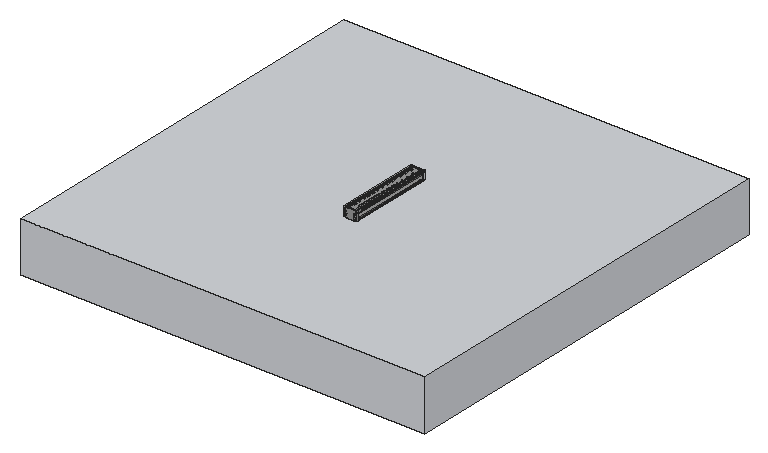
Revit family "L-street 24-48_body", category Обобщенные модели, Revit 2017
Family settings
  Основа = Грань
  Может служить основой для арматурных стержней = Нет
  Размер круглого соединителя = Использовать диаметр
  Тип детали = Нормальный
  При загрузке вырезать с полостями = Нет
  Общий = Нет
  Точка расчета площади = Нет
Parameters
  Тип торцевой крышки = Trade 24-48 торцевая крышка : Trade Standart
  Расстояние от светильника до плоскости = 55.991 mm
  Default Elevation = 1219.2 mm
  Начало выдавливания = Длина профиля / 2 * (-1)  # -250 mm
  Конец выдавливания = Длина профиля / 2  # 250 mm
  Длина профиля = 500 mm
Reference planes
  plane 1 "По центру (Вперед/Назад)": y = 0
  plane 2: z = 0
  plane 3 "По центру (Влево/Вправо)": x = 0
  plane 4 "Плоскость расположения светильника": z = 55.991
Forms (mm)
  Extrusion 1, solid
    sketch origin (0, 0, 0) x (1, 0, 0) y (0, 1, 0)
      loop
        line (-1219.2, 1219.2) -> (-1219.2, -1219.2) -> (1219.2, -1219.2) -> (1219.2, 1219.2) -> (-1219.2, 1219.2)
    from 0 to -304.8
  Extrusion 2, solid, material "Алюминий"
    sketch origin (-0.012, 0, 76.46) x (0, 0, 1) y (1, 0, 0)
      loop
        line (-78.672, 0.012) -> (-78.672, -3.888) -> (-82.669, -3.888) -> (-82.669, -2.425) -> (-84.669, -2.425) -> (-84.669, -5.925) -> (-78.672, -5.925) -> (-78.672, -15.325) -> (-83.377, -15.325)
        arc (-83.377, -15.325) -> (-84.29, -15.703) -> (-84.669, -16.617) r 1.292
        line (-84.669, -16.617) -> (-84.669, -18.572) -> (-83.467, -18.572)
        arc (-83.467, -18.572) -> (-78.368, -20.295) -> (-83.584, -21.625) r 2.807
        line (-83.584, -21.625) -> (-84.669, -21.625) -> (-84.669, -23.509)
        arc (-84.669, -23.509) -> (-84.283, -24.439) -> (-83.353, -24.825) r 1.316
        line (-83.353, -24.825) -> (-78.672, -24.825)
        arc (-78.672, -24.825) -> (-77.737, -24.537) -> (-77.126, -23.772) r 1.662
        arc (-77.126, -23.772) -> (-76.68, -23.38) -> (-76.102, -23.515) r 0.649
        line (-76.102, -23.515) -> (-74.791, -24.825)
        arc (-74.791, -24.825) -> (-74.508, -26.385) -> (-75.869, -27.199) r 1.392
        line (-75.869, -27.199) -> (-84.669, -27.199) -> (-84.669, -28.199) -> (-75.899, -28.199)
        arc (-75.899, -28.199) -> (-73.59, -26.781) -> (-74.084, -24.118) r 2.392
        line (-74.084, -24.118) -> (-75.394, -22.808)
        arc (-75.394, -22.808) -> (-74.034, -20.274) -> (-71.172, -19.988) r 3.06
        line (-71.172, -19.988) -> (-54.872, -19.988)
        arc (-54.872, -19.988) -> (-52.526, -21.625) -> (-53.252, -24.393) r 2.5
        line (-53.252, -24.393) -> (-66.771, -35.892)
        arc (-66.771, -35.892) -> (-70.002, -37.296) -> (-73.498, -37.73) r 12.359
        arc (-73.498, -37.73) -> (-74.6, -38.168) -> (-75.059, -39.261) r 1.531
        line (-75.059, -39.261) -> (-75.059, -40.53) -> (-72.559, -40.53) -> (-72.559, -39.296) -> (-69.512, -39.296) -> (-69.512, -40.53) -> (-68.084, -40.53)
        arc (-68.084, -40.53) -> (-67.359, -40.23) -> (-67.059, -39.505) r 1.025
        line (-67.059, -39.505) -> (-67.059, -38.53)
        arc (-67.059, -38.53) -> (-66.619, -37.579) -> (-65.879, -36.838) r 3
        line (-65.879, -36.838) -> (-41.59, -19.831)
        arc (-41.59, -19.831) -> (-38.547, -19.573) -> (-36.815, -22.089) r 3.04
        line (-36.815, -22.089) -> (-39.075, -22.907)
        arc (-39.075, -22.907) -> (-39.356, -23.504) -> (-38.761, -23.789) r 0.468
        line (-38.761, -23.789) -> (-36.236, -23.159)
        arc (-36.236, -23.159) -> (-35.817, -24.014) -> (-35.358, -24.848) r 20
        line (-35.358, -24.848) -> (-37.776, -25.759)
        arc (-37.776, -25.759) -> (-38.033, -26.335) -> (-37.455, -26.585) r 0.443
        line (-37.455, -26.585) -> (-34.581, -26.079)
        arc (-34.581, -26.079) -> (-34.016, -26.863) -> (-33.415, -27.618) r 20
        line (-33.415, -27.618) -> (-35.758, -28.447)
        arc (-35.758, -28.447) -> (-36.058, -29.099) -> (-35.397, -29.379) r 0.5
        line (-35.397, -29.379) -> (-32.487, -28.653)
        arc (-32.487, -28.653) -> (-31.594, -29.525) -> (-30.648, -30.34) r 20
        arc (-30.648, -30.34) -> (-32.702, -30.764) -> (-33.833, -32.53) r 2.7
        line (-33.833, -32.53) -> (-32.651, -32.733)
        arc (-32.651, -32.733) -> (-29.783, -32.422) -> (-32.051, -34.204) r 1.5
        line (-32.051, -34.204) -> (-32.906, -35.059)
        arc (-32.906, -35.059) -> (-31.65, -35.646) -> (-30.268, -35.532) r 2.7
        arc (-30.268, -35.532) -> (-29.381, -35.654) -> (-28.969, -36.449) r 0.973
        line (-28.969, -36.449) -> (-28.969, -41.973) -> (-20.469, -41.973) -> (-20.469, -37.073) -> (-20.128, -33.175) -> (-21.124, -33.088) -> (-21.472, -37.073) -> (-24.972, -37.073) -> (-24.972, -36.073) -> (-26.972, -36.073) -> (-26.972, -33.073) -> (-24.972, -33.073) -> (-24.972, -31.467)
        arc (-24.972, -31.467) -> (-32.5, -25.635) -> (-36.012, -16.784) r 18.05
        line (-36.012, -16.784) -> (-36.012, -14.788) -> (-36.972, -14.788) -> (-36.972, -16.788) -> (-38.672, -16.788) -> (-38.672, 16.812) -> (-36.972, 16.812) -> (-36.972, 14.812) -> (-36.012, 14.812) -> (-36.012, 16.808)
        arc (-36.012, 16.808) -> (-32.5, 25.659) -> (-24.972, 31.491) r 18.05
        line (-24.972, 31.491) -> (-24.972, 33.096) -> (-26.972, 33.096) -> (-26.972, 36.096) -> (-24.972, 36.096) -> (-24.972, 37.096) -> (-21.472, 37.096) -> (-21.124, 33.111) -> (-20.128, 33.198) -> (-20.469, 37.096) -> (-20.469, 41.996) -> (-28.969, 41.996) -> (-28.969, 36.473)
        arc (-28.969, 36.473) -> (-29.381, 35.678) -> (-30.268, 35.556) r 0.973
        arc (-30.268, 35.556) -> (-31.65, 35.669) -> (-32.906, 35.082) r 2.7
        line (-32.906, 35.082) -> (-32.051, 34.227)
        arc (-32.051, 34.227) -> (-29.783, 32.445) -> (-32.651, 32.757) r 1.5
        line (-32.651, 32.757) -> (-33.833, 32.553)
        arc (-33.833, 32.553) -> (-32.702, 30.787) -> (-30.648, 30.363) r 2.7
        arc (-30.648, 30.363) -> (-31.594, 29.548) -> (-32.487, 28.676) r 20
        line (-32.487, 28.676) -> (-35.397, 29.402)
        arc (-35.397, 29.402) -> (-36.058, 29.122) -> (-35.758, 28.47) r 0.5
        line (-35.758, 28.47) -> (-33.415, 27.642)
        arc (-33.415, 27.642) -> (-34.016, 26.886) -> (-34.581, 26.102) r 20
        line (-34.581, 26.102) -> (-37.455, 26.609)
        arc (-37.455, 26.609) -> (-38.033, 26.358) -> (-37.776, 25.782) r 0.443
        line (-37.776, 25.782) -> (-35.358, 24.871)
        arc (-35.358, 24.871) -> (-35.817, 24.037) -> (-36.236, 23.183) r 20
        line (-36.236, 23.183) -> (-38.761, 23.812)
        arc (-38.761, 23.812) -> (-39.356, 23.527) -> (-39.075, 22.93) r 0.468
        line (-39.075, 22.93) -> (-36.815, 22.112)
        arc (-36.815, 22.112) -> (-38.547, 19.596) -> (-41.59, 19.854) r 3.04
        line (-41.59, 19.854) -> (-65.879, 36.861)
        arc (-65.879, 36.861) -> (-66.619, 37.603) -> (-67.059, 38.554) r 3
        line (-67.059, 38.554) -> (-67.059, 39.528)
        arc (-67.059, 39.528) -> (-67.359, 40.253) -> (-68.084, 40.554) r 1.025
        line (-68.084, 40.554) -> (-69.512, 40.554) -> (-69.512, 39.32) -> (-72.559, 39.32) -> (-72.559, 40.554) -> (-75.059, 40.554) -> (-75.059, 39.284)
        arc (-75.059, 39.284) -> (-74.6, 38.191) -> (-73.498, 37.754) r 1.531
        arc (-73.498, 37.754) -> (-70.002, 37.319) -> (-66.771, 35.915) r 12.359
        line (-66.771, 35.915) -> (-53.252, 24.416)
        arc (-53.252, 24.416) -> (-52.526, 21.649) -> (-54.872, 20.012) r 2.5
        line (-54.872, 20.012) -> (-71.172, 20.012)
        arc (-71.172, 20.012) -> (-74.034, 20.298) -> (-75.394, 22.831) r 3.06
        line (-75.394, 22.831) -> (-74.084, 24.141)
        arc (-74.084, 24.141) -> (-73.59, 26.805) -> (-75.899, 28.222) r 2.392
        line (-75.899, 28.222) -> (-84.669, 28.222) -> (-84.669, 27.222) -> (-75.869, 27.222)
        arc (-75.869, 27.222) -> (-74.508, 26.409) -> (-74.791, 24.848) r 1.392
        line (-74.791, 24.848) -> (-76.102, 23.538)
        arc (-76.102, 23.538) -> (-76.68, 23.403) -> (-77.126, 23.795) r 0.649
        arc (-77.126, 23.795) -> (-77.737, 24.56) -> (-78.672, 24.848) r 1.662
        line (-78.672, 24.848) -> (-83.353, 24.848)
        arc (-83.353, 24.848) -> (-84.283, 24.463) -> (-84.669, 23.532) r 1.316
        line (-84.669, 23.532) -> (-84.669, 21.648) -> (-83.584, 21.648)
        arc (-83.584, 21.648) -> (-78.368, 20.319) -> (-83.467, 18.596) r 2.807
        line (-83.467, 18.596) -> (-84.669, 18.596) -> (-84.669, 16.641)
        arc (-84.669, 16.641) -> (-84.29, 15.727) -> (-83.377, 15.348) r 1.292
        line (-83.377, 15.348) -> (-78.672, 15.348) -> (-78.672, 5.948) -> (-84.669, 5.948) -> (-84.669, 2.448) -> (-82.669, 2.448) -> (-82.669, 3.912) -> (-78.672, 3.912) -> (-78.672, 0.012)
    from -250 <- "Начало выдавливания" to 250 <- "Конец выдавливания"
  Extrusion 3, solid, material "Стекло, прозрачное остекление"
    sketch origin (-0.012, 0.083, 76.46) x (-1, 0, 0) y (0, 0, -1)
      loop
        line (21.96, 21.47) -> (21.96, 24.47) -> (-21.96, 24.47) -> (-21.96, 21.47) -> (21.96, 21.47)
    from -250 <- "Начало выдавливания" to 250 <- "Конец выдавливания"
Dimensions and locks
  "Расстояние от светильника до плоскости": plane 4 "Плоскость расположения светильника" to Extrusion 1
  aligned and locked: plane 2 to Extrusion 1
  aligned and locked: level to Extrusion 1
Automatic sketch dimensions
  Extrusion 1 sketch curve to Extrusion 1 sketch curve = 2438.4 mm  (x2)
  Extrusion 3 sketch curve to plane 4 "Плоскость расположения светильника" = 1.002 mm
  plane 3 "По центру (Влево/Вправо)" to Extrusion 3 sketch curve = 21.949 mm
  Extrusion 3 sketch curve to plane 4 "Плоскость расположения светильника" = 4.002 mm
  Extrusion 3 sketch curve to plane 3 "По центру (Влево/Вправо)" = 21.972 mm
  Extrusion 2 sketch curve to Extrusion 2 sketch curve = 0 mm  (x28)
  Extrusion 2 sketch curve to plane 3 "По центру (Влево/Вправо)" = 0 mm
  Extrusion 2 sketch curve to plane 4 "Плоскость расположения светильника" = 0 mm  (x2)
  Extrusion 2 sketch curve to plane 4 "Плоскость расположения светильника" = 0.655 mm  (x2)
  Extrusion 2 sketch curve to plane 4 "Плоскость расположения светильника" = 1.004 mm  (x2)
  Extrusion 2 sketch curve to Extrusion 2 sketch curve = 3.5 mm  (x2)
  Extrusion 2 sketch curve to Extrusion 2 sketch curve = 3.849 mm
  Extrusion 2 sketch curve to Extrusion 2 sketch curve = 2 mm  (x5)
  Extrusion 2 sketch curve to Extrusion 2 sketch curve = 1.996 mm  (x4)
  Extrusion 2 sketch curve to Extrusion 2 sketch curve = 0.973 mm  (x2)
  Extrusion 2 sketch curve to Extrusion 2 sketch curve = 1.23 mm  (x2)
  Extrusion 2 sketch curve to Extrusion 2 sketch curve = 0.879 mm  (x2)
  Extrusion 2 sketch curve to Extrusion 2 sketch curve = 1.314 mm  (x2)
  Extrusion 2 sketch curve to Extrusion 2 sketch curve = 1.478 mm  (x2)
  Extrusion 2 sketch curve to Extrusion 2 sketch curve = 0.855 mm  (x4)
  Extrusion 2 sketch curve to Extrusion 2 sketch curve = 0.928 mm  (x2)
  Extrusion 2 sketch curve to Extrusion 2 sketch curve = 1.183 mm  (x2)
  Extrusion 2 sketch curve to Extrusion 2 sketch curve = 1.166 mm  (x2)
  Extrusion 2 sketch curve to Extrusion 2 sketch curve = 0.778 mm  (x2)
  Extrusion 2 sketch curve to Extrusion 2 sketch curve = 1.982 mm  (x2)
  Extrusion 2 sketch curve to Extrusion 2 sketch curve = 0.195 mm  (x2)
  Extrusion 2 sketch curve to Extrusion 2 sketch curve = 0.167 mm  (x2)
  Extrusion 2 sketch curve to Extrusion 2 sketch curve = 0.653 mm  (x2)
  Extrusion 2 sketch curve to Extrusion 2 sketch curve = 0.878 mm  (x2)
  Extrusion 2 sketch curve to Extrusion 2 sketch curve = 0.579 mm  (x2)
  Extrusion 2 sketch curve to Extrusion 2 sketch curve = 0.961 mm  (x2)
  Extrusion 2 sketch curve to Extrusion 2 sketch curve = 2.262 mm  (x2)
  Extrusion 2 sketch curve to Extrusion 2 sketch curve = 1.7 mm
  Extrusion 2 sketch curve to Extrusion 2 sketch curve = 1.946 mm  (x2)
  Extrusion 2 sketch curve to Extrusion 2 sketch curve = 0.154 mm  (x2)
  Extrusion 2 sketch curve to Extrusion 2 sketch curve = 0.159 mm  (x2)
  Extrusion 2 sketch curve to Extrusion 2 sketch curve = 0.772 mm  (x2)
  Extrusion 2 sketch curve to Extrusion 2 sketch curve = 1.744 mm  (x2)
  Extrusion 2 sketch curve to Extrusion 2 sketch curve = 11.663 mm  (x2)
  Extrusion 2 sketch curve to Extrusion 2 sketch curve = 1.62 mm  (x2)
  level to Extrusion 2 sketch curve = 12.302 mm  (x2)
  Extrusion 2 sketch curve to Extrusion 2 sketch curve = 1.721 mm  (x2)
  Extrusion 2 sketch curve to Extrusion 2 sketch curve = 0.892 mm  (x2)
  Extrusion 2 sketch curve to Extrusion 2 sketch curve = 1.18 mm
  Extrusion 2 sketch curve to Extrusion 2 sketch curve = 2.901 mm
  Extrusion 2 sketch curve to Extrusion 2 sketch curve = 1.025 mm  (x2)
  Extrusion 2 sketch curve to Extrusion 2 sketch curve = 1.428 mm  (x2)
  level to Extrusion 2 sketch curve = 5.287 mm  (x2)
  Extrusion 2 sketch curve to Extrusion 2 sketch curve = 1.162 mm  (x2)
  Extrusion 2 sketch curve to Extrusion 2 sketch curve = 3.047 mm  (x2)
  Extrusion 2 sketch curve to Extrusion 2 sketch curve = 0.925 mm  (x2)
  Extrusion 2 sketch curve to Extrusion 2 sketch curve = 0.969 mm  (x2)
  Extrusion 2 sketch curve to Extrusion 2 sketch curve = 0.825 mm  (x2)
  Extrusion 2 sketch curve to Extrusion 2 sketch curve = 0.707 mm  (x6)
  level to Extrusion 2 sketch curve = 1.401 mm  (x2)
  level to Extrusion 2 sketch curve = 1.065 mm  (x2)
  level to Extrusion 2 sketch curve = 0.684 mm  (x2)
  level to Extrusion 2 sketch curve = 0.59 mm  (x2)
  level to Extrusion 2 sketch curve = 0.561 mm  (x2)
  level to Extrusion 2 sketch curve = 0.358 mm  (x2)
  Extrusion 2 sketch curve to level = 0.062 mm  (x2)
  Extrusion 2 sketch curve to level = 2.213 mm  (x4)
  Extrusion 2 sketch curve to Extrusion 2 sketch curve = 2.5 mm  (x4)
  Extrusion 2 sketch curve to Extrusion 2 sketch curve = 3.997 mm  (x2)
  Extrusion 2 sketch curve to Extrusion 2 sketch curve = 4.68 mm
  Extrusion 2 sketch curve to Extrusion 2 sketch curve = 2.18 mm
  Extrusion 2 sketch curve to Extrusion 2 sketch curve = 4.704 mm
  Extrusion 2 sketch curve to Extrusion 2 sketch curve = 2.204 mm
  Extrusion 2 sketch curve to Extrusion 2 sketch curve = 0.091 mm  (x2)
  Extrusion 2 sketch curve to Extrusion 2 sketch curve = 0.231 mm  (x2)
  Extrusion 2 sketch curve to Extrusion 2 sketch curve = 1.316 mm  (x3)
  Extrusion 2 sketch curve to Extrusion 2 sketch curve = 1.202 mm  (x2)
  Extrusion 2 sketch curve to Extrusion 2 sketch curve = 1.085 mm
  plane 4 "Плоскость расположения светильника" to Extrusion 2 sketch curve = 0.341 mm  (x2)
  plane 4 "Плоскость расположения светильника" to Extrusion 2 sketch curve = 2.396 mm  (x2)
  Extrusion 2 sketch curve to plane 3 "По центру (Влево/Вправо)" = 2.437 mm
  Extrusion 2 sketch curve to plane 3 "По центру (Влево/Вправо)" = 3.9 mm
  Extrusion 2 sketch curve to Extrusion 2 sketch curve = 2.037 mm  (x2)
  Extrusion 2 sketch curve to plane 3 "По центру (Влево/Вправо)" = 14.8 mm  (x2)
  Extrusion 2 sketch curve to Extrusion 2 sketch curve = 9.4 mm  (x2)
  Extrusion 2 sketch curve to Extrusion 2 sketch curve = 0.004 mm
  Extrusion 2 sketch curve to Extrusion 2 sketch curve = 1.955 mm  (x2)
  Extrusion 2 sketch curve to Extrusion 2 sketch curve = 3.042 mm  (x2)
  Extrusion 2 sketch curve to Extrusion 2 sketch curve = 0.158 mm
  Extrusion 2 sketch curve to Extrusion 2 sketch curve = 1.616 mm  (x2)
  Extrusion 2 sketch curve to Extrusion 2 sketch curve = 2.258 mm  (x2)
  Extrusion 2 sketch curve to Extrusion 2 sketch curve = 2.819 mm  (x2)
  Extrusion 2 sketch curve to Extrusion 2 sketch curve = 0.586 mm  (x2)
  Extrusion 2 sketch curve to Extrusion 2 sketch curve = 1.071 mm  (x2)
  Extrusion 2 sketch curve to Extrusion 2 sketch curve = 0.355 mm  (x2)
  Extrusion 2 sketch curve to Extrusion 2 sketch curve = 0.44 mm  (x2)
  Extrusion 2 sketch curve to Extrusion 2 sketch curve = 1.884 mm  (x2)
  Extrusion 2 sketch curve to Extrusion 2 sketch curve = 0.495 mm  (x2)
  Extrusion 2 sketch curve to Extrusion 2 sketch curve = 1.31 mm  (x2)
  Extrusion 2 sketch curve to Extrusion 2 sketch curve = 1.256 mm  (x2)
  Extrusion 2 sketch curve to Extrusion 2 sketch curve = 0.985 mm  (x2)
  Extrusion 2 sketch curve to Extrusion 2 sketch curve = 1.231 mm  (x2)
  Extrusion 2 sketch curve to Extrusion 2 sketch curve = 1.326 mm  (x2)
  Extrusion 2 sketch curve to Extrusion 2 sketch curve = 0.829 mm  (x2)
  Extrusion 2 sketch curve to Extrusion 2 sketch curve = 1.035 mm  (x2)
  Extrusion 2 sketch curve to Extrusion 2 sketch curve = 0.471 mm  (x2)
  Extrusion 2 sketch curve to Extrusion 2 sketch curve = 3.151 mm  (x2)
  Extrusion 2 sketch curve to Extrusion 2 sketch curve = 0.204 mm  (x2)
  Extrusion 2 sketch curve to Extrusion 2 sketch curve = 0.255 mm  (x2)
  Extrusion 2 sketch curve to Extrusion 2 sketch curve = 1.605 mm  (x2)
  Extrusion 2 sketch curve to Extrusion 2 sketch curve = 0.015 mm  (x2)
  Extrusion 2 sketch curve to Extrusion 2 sketch curve = 0.087 mm  (x2)
  Extrusion 2 sketch curve to Extrusion 2 sketch curve = 7.693 mm  (x2)
  Extrusion 2 sketch curve to Extrusion 2 sketch curve = 1 mm  (x2)
  Extrusion 2 sketch curve to Extrusion 2 sketch curve = 0.377 mm  (x2)
  Extrusion 2 sketch curve to Extrusion 2 sketch curve = 0.946 mm  (x2)
  Extrusion 2 sketch curve to Extrusion 2 sketch curve = 1.692 mm  (x2)
  Extrusion 2 sketch curve to Extrusion 2 sketch curve = 0.731 mm  (x2)
  Extrusion 2 sketch curve to Extrusion 2 sketch curve = 0.035 mm
  Extrusion 2 sketch curve to Extrusion 2 sketch curve = 0.975 mm  (x2)
  Extrusion 2 sketch curve to Extrusion 2 sketch curve = 1.269 mm
  Extrusion 2 sketch curve to Extrusion 2 sketch curve = 4.9 mm
  plane 3 "По центру (Влево/Вправо)" to Extrusion 2 sketch curve = 2.437 mm
  Extrusion 2 sketch curve to Extrusion 2 sketch curve = 1.463 mm
  plane 3 "По центру (Влево/Вправо)" to Extrusion 2 sketch curve = 14.8 mm  (x2)
  Extrusion 2 sketch curve to Extrusion 2 sketch curve = 4.663 mm
  Extrusion 2 sketch curve to Extrusion 2 sketch curve = 0.766 mm
  Extrusion 2 sketch curve to Extrusion 2 sketch curve = 1.234 mm
  Extrusion 2 sketch curve to Extrusion 2 sketch curve = 5.523 mm
  Extrusion 2 sketch curve to Extrusion 2 sketch curve = 0.165 mm  (x2)
  Extrusion 2 sketch curve to Extrusion 2 sketch curve = 0.156 mm  (x2)
  Extrusion 2 sketch curve to Extrusion 2 sketch curve = 0.415 mm  (x2)
Nested families
  nested 1: "Trade 24-48 торцевая крышка" at (0.555, 0.024, 0), type <- "Тип торцевой крышки", type "Trade Standart"
    with Расстояние до плоскости 55.991 mm, Начало профиля 250 mm, Конец профиля 250 mm, Длина профиля 500 mm
  nested 2: "Trade 24-48 торцевая крышка" at (0.452, 0, 0), type <- "Тип торцевой крышки", type "Trade Standart"
    with Расстояние до плоскости 55.991 mm, Начало профиля 250 mm, Конец профиля 250 mm, Длина профиля 500 mm
Definition of nested family "Trade 24-48 торцевая крышка"
  Parameters (values of type "Trade 24-48 торцевая крышка")
    Расстояние до плоскости = 150 mm
    Default Elevation = 1219.2 mm
    Начало профиля = 249.976 mm
    Конец профиля = Начало профиля  # 249.976 mm
    Длина профиля = Начало профиля * 2  # 499.952 mm
  Reference planes
    plane 1 "По центру (Вперед/Назад)": y = 0
    plane 2: z = 0
    plane 3 "По центру (Влево/Вправо)": x = 0
    plane 4 "Плоскость светильника": z = 150
  Forms (mm)
    Extrusion 1, solid
      sketch origin (0, 0, 0) x (1, 0, 0) y (0, 1, 0)
        loop
          line (-1219.2, 1219.2) -> (-1219.2, -1219.2) -> (1219.2, -1219.2) -> (1219.2, 1219.2) -> (-1219.2, 1219.2)
      from 0 to -304.8
    Extrusion 2, solid
      sketch origin (-19.367, -249.976, 150) x (1, 0, 0) y (0, 0, 1)
        loop
          line (-19.221, 0) -> (-19.221, -52.919) -> (-10.867, -52.919)
          arc (-10.867, -52.919) -> (-6.009, -53.518) -> (-1.441, -55.28) r 20
          line (-1.441, -55.28) -> (3.39, -58.299)
          arc (3.39, -58.299) -> (3.801, -58.687) -> (4.03, -59.204) r 1.436
          line (4.03, -59.204) -> (13.43, -59.204)
          arc (13.43, -59.204) -> (14.332, -58.467) -> (15.467, -58.204) r 2.574
          line (15.467, -58.204) -> (19.367, -58.204) -> (23.267, -58.204)
          arc (23.267, -58.204) -> (24.401, -58.467) -> (25.303, -59.204) r 2.574
          line (25.303, -59.204) -> (34.703, -59.204)
          arc (34.703, -59.204) -> (34.933, -58.687) -> (35.344, -58.299) r 1.436
          line (35.344, -58.299) -> (40.175, -55.28)
          arc (40.175, -55.28) -> (44.742, -53.518) -> (49.601, -52.919) r 20
          line (49.601, -52.919) -> (57.954, -52.919) -> (57.954, 0) -> (19.367, 0) -> (-19.221, 0)
        loop
          arc (-9.318, -51.37) -> (-5.4, -51.758) -> (-1.633, -52.906) r 20
          line (-1.633, -52.906) -> (-1.633, -34.404)
          arc (-1.633, -34.404) -> (-2.615, -32.996) -> (-4.276, -33.432) r 1.5
          line (-4.276, -33.432) -> (-15.725, -46.891)
          arc (-15.725, -46.891) -> (-16.329, -48.024) -> (-16.801, -49.218) r 11.359
          arc (-16.801, -49.218) -> (-16.574, -50.692) -> (-15.247, -51.37) r 1.637
          line (-15.247, -51.37) -> (-9.318, -51.37)
        loop
          line (-14.324, -39.155) -> (-1.295, -20.548)
          arc (-1.295, -20.548) -> (-1.025, -18.749) -> (-2.299, -17.45) r 2.04
          arc (-2.299, -17.45) -> (-4.877, -16.36) -> (-7.288, -14.938) r 21
          arc (-7.288, -14.938) -> (-8.685, -13.894) -> (-9.991, -12.739) r 21
          arc (-9.991, -12.739) -> (-11.447, -11.189) -> (-12.739, -9.499) r 21
          arc (-12.739, -9.499) -> (-14.944, -10.099) -> (-17.221, -10.29) r 12.546
          line (-17.221, -10.29) -> (-17.221, -38.242)
          arc (-17.221, -38.242) -> (-16.107, -39.761) -> (-14.324, -39.155) r 1.592
        loop
          line (48.051, -51.37) -> (53.98, -51.37)
          arc (53.98, -51.37) -> (55.308, -50.692) -> (55.534, -49.218) r 1.637
          arc (55.534, -49.218) -> (55.062, -48.024) -> (54.458, -46.891) r 11.359
          line (54.458, -46.891) -> (43.009, -33.432)
          arc (43.009, -33.432) -> (41.349, -32.996) -> (40.367, -34.404) r 1.5
          line (40.367, -34.404) -> (40.367, -52.906)
          arc (40.367, -52.906) -> (44.133, -51.758) -> (48.051, -51.37) r 20
        loop
          arc (53.057, -39.155) -> (54.841, -39.761) -> (55.954, -38.242) r 1.592
          line (55.954, -38.242) -> (55.954, -10.29)
          arc (55.954, -10.29) -> (53.677, -10.099) -> (51.473, -9.499) r 12.546
          arc (51.473, -9.499) -> (50.181, -11.189) -> (48.725, -12.739) r 21
          arc (48.725, -12.739) -> (47.419, -13.894) -> (46.022, -14.938) r 21
          arc (46.022, -14.938) -> (43.611, -16.36) -> (41.032, -17.45) r 21
          arc (41.032, -17.45) -> (39.759, -18.749) -> (40.028, -20.548) r 2.04
          line (40.028, -20.548) -> (53.057, -39.155)
      from 0 to 5
    Extrusion 3, solid
      sketch origin (18.233, 249.976, 150) x (-1, 0, 0) y (0, 0, 1)
        loop
          line (56.821, 0) -> (18.233, 0) -> (-20.354, 0) -> (-20.354, -52.919) -> (-12.001, -52.919)
          arc (-12.001, -52.919) -> (-7.142, -53.518) -> (-2.575, -55.28) r 20
          line (-2.575, -55.28) -> (2.256, -58.299)
          arc (2.256, -58.299) -> (2.667, -58.687) -> (2.897, -59.204) r 1.436
          line (2.897, -59.204) -> (12.297, -59.204)
          arc (12.297, -59.204) -> (13.199, -58.467) -> (14.333, -58.204) r 2.574
          line (14.333, -58.204) -> (18.233, -58.204) -> (22.133, -58.204)
          arc (22.133, -58.204) -> (23.268, -58.467) -> (24.17, -59.204) r 2.574
          line (24.17, -59.204) -> (33.57, -59.204)
          arc (33.57, -59.204) -> (33.799, -58.687) -> (34.21, -58.299) r 1.436
          line (34.21, -58.299) -> (39.041, -55.28)
          arc (39.041, -55.28) -> (43.609, -53.518) -> (48.467, -52.919) r 20
          line (48.467, -52.919) -> (56.821, -52.919) -> (56.821, 0)
        loop
          line (46.918, -51.37) -> (52.847, -51.37)
          arc (52.847, -51.37) -> (54.174, -50.692) -> (54.401, -49.218) r 1.637
          arc (54.401, -49.218) -> (53.929, -48.024) -> (53.325, -46.891) r 11.359
          line (53.325, -46.891) -> (41.876, -33.432)
          arc (41.876, -33.432) -> (40.215, -32.996) -> (39.233, -34.404) r 1.5
          line (39.233, -34.404) -> (39.233, -52.906)
          arc (39.233, -52.906) -> (43, -51.758) -> (46.918, -51.37) r 20
        loop
          arc (51.924, -39.155) -> (53.707, -39.761) -> (54.821, -38.242) r 1.592
          line (54.821, -38.242) -> (54.821, -10.29)
          arc (54.821, -10.29) -> (52.544, -10.099) -> (50.339, -9.499) r 12.546
          arc (50.339, -9.499) -> (49.047, -11.189) -> (47.591, -12.739) r 21
          arc (47.591, -12.739) -> (46.285, -13.894) -> (44.888, -14.938) r 21
          arc (44.888, -14.938) -> (42.477, -16.36) -> (39.899, -17.45) r 21
          arc (39.899, -17.45) -> (38.625, -18.749) -> (38.895, -20.548) r 2.04
          line (38.895, -20.548) -> (51.924, -39.155)
        loop
          arc (-10.451, -51.37) -> (-6.533, -51.758) -> (-2.767, -52.906) r 20
          line (-2.767, -52.906) -> (-2.767, -34.404)
          arc (-2.767, -34.404) -> (-3.749, -32.996) -> (-5.409, -33.432) r 1.5
          line (-5.409, -33.432) -> (-16.858, -46.891)
          arc (-16.858, -46.891) -> (-17.462, -48.024) -> (-17.934, -49.218) r 11.359
          arc (-17.934, -49.218) -> (-17.708, -50.692) -> (-16.38, -51.37) r 1.637
          line (-16.38, -51.37) -> (-10.451, -51.37)
        loop
          line (-15.457, -39.155) -> (-2.428, -20.548)
          arc (-2.428, -20.548) -> (-2.159, -18.749) -> (-3.432, -17.45) r 2.04
          arc (-3.432, -17.45) -> (-6.011, -16.36) -> (-8.422, -14.938) r 21
          arc (-8.422, -14.938) -> (-9.819, -13.894) -> (-11.125, -12.739) r 21
          arc (-11.125, -12.739) -> (-12.581, -11.189) -> (-13.873, -9.499) r 21
          arc (-13.873, -9.499) -> (-16.077, -10.099) -> (-18.354, -10.29) r 12.546
          line (-18.354, -10.29) -> (-18.354, -38.242)
          arc (-18.354, -38.242) -> (-17.241, -39.761) -> (-15.457, -39.155) r 1.592
      from 0 to 5
    Extrusion 4, solid
      sketch origin (0, -398.223, 150) x (0, -1, 0) y (1, 0, 0)
        loop
          line (-153.247, 18.233) -> (-153.247, -19.367) -> (-148.247, -19.367) -> (-148.247, 18.233) -> (-153.247, 18.233)
        loop
          line (-648.199, -19.367) -> (-643.199, -19.367) -> (-643.199, 18.233) -> (-648.199, 18.233) -> (-648.199, -19.367)
      from 0 to -1
  Dimensions and locks
    "Расстояние до плоскости": plane 4 "Плоскость светильника" to Extrusion 1
    "Конец профиля": plane 1 "По центру (Вперед/Назад)" to Extrusion 4
    "Начало профиля": Extrusion 4 to plane 1 "По центру (Вперед/Назад)"
    aligned and locked: plane 2 to Extrusion 1
    aligned and locked: level to Extrusion 1
  Automatic sketch dimensions
    Extrusion 1 sketch curve to Extrusion 1 sketch curve = 2438.4 mm  (x2)
    Extrusion 3 sketch curve to Extrusion 3 sketch curve = 0 mm  (x16)
    Extrusion 3 sketch curve to Extrusion 3 sketch curve = 2.098 mm  (x2)
    Extrusion 3 sketch curve to Extrusion 3 sketch curve = 1.592 mm  (x2)
    Extrusion 3 sketch curve to Extrusion 3 sketch curve = 0.478 mm  (x2)
    Extrusion 3 sketch curve to Extrusion 3 sketch curve = 1.304 mm  (x2)
    Extrusion 3 sketch curve to Extrusion 3 sketch curve = 1.55 mm  (x2)
    Extrusion 3 sketch curve to Extrusion 3 sketch curve = 3.299 mm
    Extrusion 3 sketch curve to Extrusion 3 sketch curve = 1.143 mm  (x2)
    Extrusion 3 sketch curve to Extrusion 3 sketch curve = 1.5 mm  (x2)
    Extrusion 3 sketch curve to Extrusion 3 sketch curve = 0.192 mm
    Extrusion 3 sketch curve to Extrusion 3 sketch curve = 1.671 mm  (x2)
    Extrusion 3 sketch curve to Extrusion 3 sketch curve = 4.07 mm
    Extrusion 3 sketch curve to Extrusion 3 sketch curve = 0.761 mm
    Extrusion 3 sketch curve to Extrusion 3 sketch curve = 0.641 mm  (x2)
    Extrusion 3 sketch curve to Extrusion 3 sketch curve = 9.4 mm  (x2)
    Extrusion 3 sketch curve to Extrusion 3 sketch curve = 2.037 mm  (x2)
    Extrusion 3 sketch curve to Extrusion 3 sketch curve = 3.9 mm  (x2)
    Extrusion 3 sketch curve to Extrusion 3 sketch curve = 14.8 mm  (x2)
    Extrusion 4 to Extrusion 3 sketch curve = 58.299 mm
    Extrusion 3 sketch curve to Extrusion 3 sketch curve = 1.402 mm
    Extrusion 3 sketch curve to Extrusion 3 sketch curve = 5.861 mm
    Extrusion 3 sketch curve to Extrusion 3 sketch curve = 4.831 mm
    Extrusion 3 sketch curve to Extrusion 3 sketch curve = 0.339 mm
    Extrusion 3 sketch curve to Extrusion 3 sketch curve = 4.386 mm
    Extrusion 3 sketch curve to Extrusion 3 sketch curve = 11.946 mm
    Extrusion 3 sketch curve to Extrusion 3 sketch curve = 10.048 mm
    Extrusion 3 sketch curve to Extrusion 3 sketch curve = 4.379 mm
    Extrusion 3 sketch curve to Extrusion 3 sketch curve = 21.689 mm
    Extrusion 4 to Extrusion 3 sketch curve = 72.919 mm  (x2)
    Extrusion 3 sketch curve to Extrusion 3 sketch curve = 1.549 mm  (x2)
    Extrusion 3 sketch curve to Extrusion 3 sketch curve = 2.479 mm
    Extrusion 3 sketch curve to Extrusion 3 sketch curve = 1.261 mm
    Extrusion 3 sketch curve to Extrusion 3 sketch curve = 1.218 mm
    Extrusion 3 sketch curve to Extrusion 3 sketch curve = 3.018 mm  (x2)
    Extrusion 3 sketch curve to Extrusion 3 sketch curve = 2.375 mm  (x2)
    Extrusion 3 sketch curve to Extrusion 3 sketch curve = 1.421 mm  (x2)
    Extrusion 3 sketch curve to Extrusion 3 sketch curve = 1.637 mm  (x2)
    Extrusion 3 sketch curve to Extrusion 3 sketch curve = 2.327 mm  (x2)
    Extrusion 3 sketch curve to Extrusion 3 sketch curve = 7.735 mm  (x2)
    Extrusion 3 sketch curve to Extrusion 3 sketch curve = 4.752 mm  (x2)
    Extrusion 3 sketch curve to Extrusion 3 sketch curve = 12.884 mm  (x2)
    Extrusion 3 sketch curve to Extrusion 3 sketch curve = 1.17 mm  (x2)
    Extrusion 3 sketch curve to Extrusion 3 sketch curve = 9.088 mm  (x2)
    Extrusion 3 sketch curve to Extrusion 3 sketch curve = 20.548 mm
    Extrusion 3 sketch curve to Extrusion 3 sketch curve = 2.256 mm  (x2)
    Extrusion 3 sketch curve to Extrusion 3 sketch curve = 2.396 mm  (x2)
    Extrusion 3 sketch curve to Extrusion 3 sketch curve = 2.703 mm  (x2)
    Extrusion 3 sketch curve to Extrusion 3 sketch curve = 4.989 mm
    Extrusion 2 sketch curve to Extrusion 2 sketch curve = 0 mm  (x16)
    Extrusion 4 to Extrusion 2 sketch curve = 52.919 mm
    Extrusion 2 sketch curve to Extrusion 2 sketch curve = 2 mm
    Extrusion 2 sketch curve to Extrusion 2 sketch curve = 2.098 mm  (x2)
    Extrusion 4 to Extrusion 2 sketch curve = 46.891 mm
    Extrusion 2 sketch curve to Extrusion 2 sketch curve = 3.496 mm
    Extrusion 2 sketch curve to Extrusion 2 sketch curve = 1.592 mm
    Extrusion 2 sketch curve to Extrusion 2 sketch curve = 0.478 mm  (x2)
    Extrusion 4 to Extrusion 2 sketch curve = 39.155 mm
    Extrusion 2 sketch curve to Extrusion 2 sketch curve = 1.304 mm  (x2)
    Extrusion 4 to Extrusion 2 sketch curve = 72.919 mm  (x2)
    Extrusion 2 sketch curve to Extrusion 2 sketch curve = 8.353 mm
    Extrusion 2 sketch curve to Extrusion 2 sketch curve = 1.55 mm  (x2)
    Extrusion 2 sketch curve to Extrusion 2 sketch curve = 3.299 mm
    Extrusion 2 sketch curve to Extrusion 2 sketch curve = 10.048 mm  (x2)
    Extrusion 2 sketch curve to Extrusion 2 sketch curve = 1.143 mm  (x2)
    Extrusion 2 sketch curve to Extrusion 2 sketch curve = 1.31 mm
    Extrusion 2 sketch curve to Extrusion 2 sketch curve = 1.5 mm  (x2)
    Extrusion 4 to Extrusion 2 sketch curve = 55.28 mm
    Extrusion 2 sketch curve to Extrusion 2 sketch curve = 1.671 mm  (x2)
    Extrusion 2 sketch curve to Extrusion 2 sketch curve = 4.07 mm
    Extrusion 4 to Extrusion 2 sketch curve = 58.299 mm  (x2)
    Extrusion 2 sketch curve to Extrusion 2 sketch curve = 0.761 mm  (x2)
    Extrusion 2 sketch curve to Extrusion 2 sketch curve = 0.641 mm  (x2)
    Extrusion 2 sketch curve to Extrusion 2 sketch curve = 21.689 mm  (x2)
    Extrusion 2 sketch curve to Extrusion 2 sketch curve = 9.4 mm  (x2)
    Extrusion 2 sketch curve to Extrusion 2 sketch curve = 2.037 mm  (x2)
    Extrusion 2 sketch curve to Extrusion 2 sketch curve = 3.9 mm  (x2)
    Extrusion 2 sketch curve to Extrusion 2 sketch curve = 14.8 mm  (x2)
    Extrusion 2 sketch curve to Extrusion 2 sketch curve = 5.861 mm
    Extrusion 2 sketch curve to Extrusion 2 sketch curve = 4.831 mm
    Extrusion 2 sketch curve to Extrusion 2 sketch curve = 0.192 mm
    Extrusion 2 sketch curve to Extrusion 2 sketch curve = 4.386 mm
    Extrusion 2 sketch curve to Extrusion 2 sketch curve = 11.946 mm
    Extrusion 2 sketch curve to Extrusion 2 sketch curve = 4.379 mm
    Extrusion 2 sketch curve to Extrusion 2 sketch curve = 0.098 mm
    Extrusion 2 sketch curve to Extrusion 2 sketch curve = 1.549 mm  (x2)
    Extrusion 2 sketch curve to Extrusion 2 sketch curve = 2.479 mm
    Extrusion 2 sketch curve to Extrusion 2 sketch curve = 1.218 mm
    Extrusion 2 sketch curve to Extrusion 2 sketch curve = 3.018 mm
    Extrusion 2 sketch curve to Extrusion 2 sketch curve = 2.375 mm  (x2)
    Extrusion 2 sketch curve to Extrusion 2 sketch curve = 1.421 mm  (x2)
    Extrusion 2 sketch curve to Extrusion 2 sketch curve = 1.637 mm  (x2)
    Extrusion 2 sketch curve to Extrusion 2 sketch curve = 2.327 mm
    Extrusion 2 sketch curve to Extrusion 2 sketch curve = 7.735 mm
    Extrusion 2 sketch curve to Extrusion 2 sketch curve = 4.752 mm  (x2)
    Extrusion 2 sketch curve to Extrusion 2 sketch curve = 12.884 mm  (x2)
    Extrusion 2 sketch curve to Extrusion 2 sketch curve = 1.17 mm  (x2)
    Extrusion 2 sketch curve to Extrusion 2 sketch curve = 9.088 mm  (x2)
    Extrusion 2 sketch curve to Extrusion 2 sketch curve = 10.29 mm
    Extrusion 2 sketch curve to Extrusion 2 sketch curve = 2.256 mm  (x2)
    Extrusion 2 sketch curve to Extrusion 2 sketch curve = 2.396 mm  (x2)
    Extrusion 2 sketch curve to Extrusion 2 sketch curve = 4.481 mm
    Extrusion 2 sketch curve to Extrusion 2 sketch curve = 2.748 mm
    Extrusion 2 sketch curve to Extrusion 2 sketch curve = 2.703 mm  (x2)
    Extrusion 2 sketch curve to Extrusion 2 sketch curve = 4.989 mm
    Extrusion 3 sketch curve to Extrusion 4 = 0 mm
    Extrusion 3 sketch curve to Extrusion 3 sketch curve = 2 mm
    Extrusion 3 sketch curve to Extrusion 3 sketch curve = 3.496 mm
    Extrusion 3 sketch curve to Extrusion 3 sketch curve = 4.481 mm
    Extrusion 3 sketch curve to Extrusion 3 sketch curve = 2.748 mm
    Extrusion 4 sketch curve to plane 3 "По центру (Влево/Вправо)" = 19.367 mm  (x2)
    Extrusion 4 sketch curve to plane 1 "По центру (Вперед/Назад)" = 249.976 mm
    Extrusion 4 sketch curve to Extrusion 4 sketch curve = 5 mm  (x2)
    plane 1 "По центру (Вперед/Назад)" to Extrusion 4 sketch curve = 244.976 mm
    plane 3 "По центру (Влево/Вправо)" to Extrusion 4 sketch curve = 18.233 mm  (x2)
    Extrusion 2 sketch curve to Extrusion 4 = 19.221 mm
    Extrusion 3 sketch curve to Extrusion 4 = 20.354 mm
    Extrusion 3 sketch curve to Extrusion 4 = 12.001 mm
    Extrusion 3 sketch curve to Extrusion 4 = 4.099 mm
    Extrusion 4 to Extrusion 3 sketch curve = 3.433 mm
